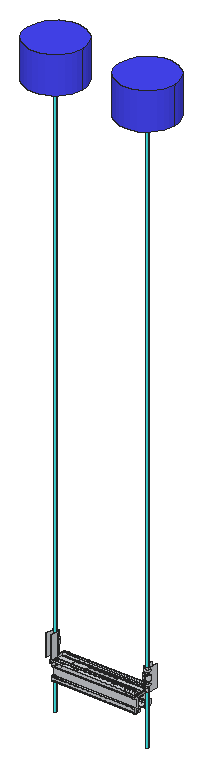
Revit family "KIT #1 (SS)", category Electrical Fixtures, Revit 2016 (continued)
Nested families (in)
  nested 12: "NUT" at (1, 0, 0.32813), visible <- "3rd Tier Unistrut Generic calc", type "NUT"
    with HardwareNut_Width 0' - 0 7/16", HardwareNut_Height 0' - 0 7/32", HardwareNutHole_Dim 0' - 0 1/8", HARDWARE HARDWARE
  nested 13: "NUT" at (11, 0, -1.875) x (1, 0, 0) z (0, 0, -1), HARDWARE <- "HARDWARE", HardwareNutHole_Dim <- "HardwareNutHole_Dim", HardwareNut_Height <- "HardwareNut_Height", HardwareNut_Width <- "HardwareNut_Width", visible <- "4th Tier Unistrut Generic calc", type "NUT"
    with HardwareNut_Width 0' - 0 7/16", HardwareNut_Height 0' - 0 7/32", HardwareNutHole_Dim 0' - 0 1/8", HARDWARE HARDWARE
  nested 14: "NUT" at (1, 0, -1.875) x (-1, 0, 0) z (0, 0, -1), HARDWARE <- "HARDWARE", HardwareNutHole_Dim <- "HardwareNutHole_Dim", HardwareNut_Height <- "HardwareNut_Height", HardwareNut_Width <- "HardwareNut_Width", visible <- "4th Tier Unistrut Generic calc", type "NUT"
    with HardwareNut_Width 0' - 0 7/16", HardwareNut_Height 0' - 0 7/32", HardwareNutHole_Dim 0' - 0 1/8", HARDWARE HARDWARE
  nested 15: "NUT" at (11, 0, 0.32813), visible <- "4th Tier Unistrut Generic calc", type "NUT"
    with HardwareNut_Width 0' - 0 7/16", HardwareNut_Height 0' - 0 7/32", HardwareNutHole_Dim 0' - 0 1/8", HARDWARE HARDWARE
  nested 16: "NUT" at (1, 0, 0.32813), visible <- "4th Tier Unistrut Generic calc", type "NUT"
    with HardwareNut_Width 0' - 0 7/16", HardwareNut_Height 0' - 0 7/32", HardwareNutHole_Dim 0' - 0 1/8", HARDWARE HARDWARE
  nested 17: "Trmb_FieldPoints_MarkerGraphic_Marker" at (1, 0, 180), type "Marker"
  nested 18: "Trmb_FieldPoints_MarkerGraphic_Marker" at (11, 0, 180), type "Marker"
  nested 19: "4D UNISTRUT ONLY" at (1.5, 0, 120), visible <- "4D Calc", type "4D UNISTRUT ONLY"
    with built-in parameter 1001306 0.75 (stored number, unit not read)
  nested 20: "4D UNISTRUT ONLY_Bottom" at (1.5, 0, 117.89375) x (1, 0, 0) z (0, 0, -1), visible <- "4D Calc2", type "4D UNISTRUT ONLY_Bottom"
    with built-in parameter 1001306 0.75 (stored number, unit not read)
  nested 21: "4D UNISTRUT ONLY" at (1.5, 0, 0), visible <- "4DTier2Calc", type "4D UNISTRUT ONLY"
    with built-in parameter 1001306 0.75 (stored number, unit not read)
  nested 22: "4D UNISTRUT ONLY" at (1.5, 0, 0), visible <- "4DTier3Calc", type "4D UNISTRUT ONLY"
    with built-in parameter 1001306 0.75 (stored number, unit not read)
  nested 23: "4D UNISTRUT ONLY" at (1.5, 0, 0), visible <- "4DTier4Calc", type "4D UNISTRUT ONLY"
    with built-in parameter 1001306 0.75 (stored number, unit not read)
  nested 24: "TOLCO B3034 C-Clamp(pipe acc)" at (1, 1.59375, 173.5) x (0, 1, 0) z (0, 0, 1), visible <- "Beam Clamp Calc1", type "0.5"
    with Hanger No. "1"
  nested 25: "TOLCO B3034 C-Clamp(pipe acc)" at (11, 1.59375, 173.5) x (0, 1, 0) z (0, 0, 1), visible <- "Beam Clamp Calc1", type "0.5"
    with Hanger No. "1"
  nested 26: "TOLCO B3034 C-Clamp(pipe acc)" at (11, -1.59375, 173.5) x (0, -1, 0) z (0, 0, 1), visible <- "Beam Clamp Calc2", type "0.5"
    with Hanger No. "1"
  nested 27: "TOLCO B3034 C-Clamp(pipe acc)" at (1, -1.59375, 173.5) x (0, -1, 0) z (0, 0, 1), visible <- "Beam Clamp Calc2", type "0.5"
    with Hanger No. "1"
  nested 28: "4D all thread connector" at (1, 0, 119.62109), built-in parameter 1001364 <- "top of 4D connection insert1", visible <- "4D Calc", type "4D all thread connector"
  nested 29: "4D all thread connector" at (11, 0, 119.62109) x (-1, 0, 0) z (0, 0, 1), built-in parameter 1001364 <- "top of 4D connection insert1", visible <- "4D Calc", type "4D all thread connector"
  nested 30: "4D all thread connector" at (1, 0, -0.37891), built-in parameter 1001364 <- "top of 4D connection insert2", visible <- "4DTier2Calc", type "4D all thread connector"
  nested 31: "4D all thread connector" at (11, 0, -0.37891) x (-1, 0, 0) z (0, 0, 1), built-in parameter 1001364 <- "top of 4D connection insert2", visible <- "4DTier2Calc", type "4D all thread connector"
  nested 32: "4D all thread connector" at (1, 0, -0.37891), built-in parameter 1001364 <- "top of 4D connection insert3", visible <- "4DTier3Calc", type "4D all thread connector"
  nested 33: "4D all thread connector" at (11, 0, -0.37891) x (-1, 0, 0) z (0, 0, 1), built-in parameter 1001364 <- "top of 4D connection insert3", visible <- "4DTier3Calc", type "4D all thread connector"
  nested 34: "4D all thread connector" at (1, 0, -0.37891), built-in parameter 1001364 <- "top of 4D connection insert4", visible <- "4DTier4Calc", type "4D all thread connector"
  nested 35: "4D all thread connector" at (11, 0, -0.37891) x (-1, 0, 0) z (0, 0, 1), built-in parameter 1001364 <- "top of 4D connection insert4", visible <- "4DTier4Calc", type "4D all thread connector"
Definition of nested family "NUT"
  Parameters
    HardwareNut_Width [instance] = 0' - 0 7/16"
    HardwareNut_Height [instance] = 0' - 0 7/32"
    HardwareNutHole_Dim [instance] = 0' - 0 1/8"
    HARDWARE [instance] = none
    Default Elevation = 4' - 0"
  Reference planes (in)
    plane 1 "Center (Front/Back)": y = 0
    plane 2: z = 0
    plane 3 "Center (Left/Right)": x = 0
    plane 4: through (0, 0.25259, 48) normal (0.5, 0.866, 0)
    plane 5: through (-0.10937, 0.06315, 48) normal (0.5, 0.866, 0)
    plane 6: through (0.04604, -0.27917, 48) normal (0.5, 0.866, 0)
    plane 7: x = -0.21875
    plane 8: x = 0.21875
    plane 9: through (0.00037, 0.25195, 48) normal (0.5, -0.866, 0)
    plane 10: through (0.11087, 0.06316, 48) normal (0.5, -0.866, 0)
    plane 11: through (0.22024, -0.12629, 48) normal (0.5, -0.866, 0)
  Forms (in)
    Extrusion 1, solid
      sketch origin (0, 0, 0) x (1, 0, 0) y (0, 1, 0)
        loop
          line (-48, 48) -> (-48, -48) -> (48, -48) -> (48, 48) -> (-48, 48)
      from 0 to -12
    Extrusion 2, solid, material <- "HARDWARE"
      sketch origin (0, 0, 0) x (1, 0, 0) y (0, 1, 0)
        loop
          line (0.21875, 0.1263) -> (0, 0.25259) -> (-0.21875, 0.1263) -> (-0.21875, -0.1263) -> (0, -0.25259) -> (0.21875, -0.1263) -> (0.21875, 0.1263)
        loop
          circle (0, 0) r 0.125
      from 0 to 0.21875 <- "HardwareNut_Height"
  Dimensions and locks (in)
    equal spacing: plane 11, plane 10, plane 9
    "HardwareNut_Width": plane 11 to plane 9
    equal spacing: plane 7, plane 3 "Center (Left/Right)", plane 8
    "HardwareNut_Width": plane 7 to plane 8
    equal spacing: plane 4, plane 5, plane 6
    "HardwareNut_Width": plane 4 to plane 6
    "HardwareNutHole_Dim": radius of Extrusion 2 sketch curve
    aligned and locked: plane 2 to Extrusion 1
    aligned and locked: level to Extrusion 1
    aligned and locked: plane 7 to Extrusion 2
    aligned and locked: plane 8 to Extrusion 2
  Automatic sketch dimensions
    Extrusion 1 sketch curve to Extrusion 1 sketch curve = 8' - 0"  (x2)
    Extrusion 2 sketch curve to plane 6 = 0' - 0"  (x2)
    Extrusion 2 sketch curve to plane 7 = 0' - 0"
    Extrusion 2 sketch curve to plane 3 "Center (Left/Right)" = 0' - 0"  (x3)
    plane 1 "Center (Front/Back)" to Extrusion 2 sketch curve = 0' - 0"
    Extrusion 2 sketch curve to plane 5 = 0' - 0"  (x2)
    Extrusion 2 sketch curve to plane 8 = 0' - 0"
    Extrusion 2 sketch curve to plane 4 = 0' - 0"  (x2)
Definition of nested family "4D UNISTRUT ONLY"
  Parameters (values of type "4D UNISTRUT ONLY")
    built-in parameter 1001306 [instance] = 4' - 0"
  Reference planes (in)
    plane 1 "Center (Front/Back)": y = 0
    plane 2: z = 0
    plane 3 "Left": x = 0
    plane 4 "Right": x = 48
  Forms (in)
    Extrusion 1, solid
      sketch origin (0, 0, -2.10625) x (0, 1, 0) y (0, 0, 1)
        loop
          arc (1.053, 0.52479) -> (0.99788, 0.60728) -> (0.90057, 0.58792) r 0.08929
          line (0.90057, 0.58792) -> (0.81547, 0.50282)
          arc (0.81547, 0.50282) -> (0.78726, 0.49721) -> (0.77128, 0.52112) r 0.02588
          line (0.77128, 0.52112) -> (0.77128, 1.57098)
          arc (0.77128, 1.57098) -> (0.78726, 1.59489) -> (0.81547, 1.58928) r 0.02588
          line (0.81547, 1.58928) -> (0.90057, 1.50417)
          arc (0.90057, 1.50417) -> (0.99788, 1.48482) -> (1.053, 1.56731) r 0.08929
          line (1.053, 1.56731) -> (1.053, 1.92157)
          arc (1.053, 1.92157) -> (0.99891, 2.05216) -> (0.86832, 2.10625) r 0.18468
          line (0.86832, 2.10625) -> (0.52298, 2.10625)
          arc (0.52298, 2.10625) -> (0.46254, 2.08121) -> (0.4375, 2.02077) r 0.08548
          line (0.4375, 2.02077) -> (0.4375, 1.875)
          arc (0.4375, 1.875) -> (0.49, 1.8225) -> (0.5425, 1.875) r 0.0525
          line (0.5425, 1.875) -> (0.5425, 1.9846)
          arc (0.5425, 1.9846) -> (0.56081, 2.02879) -> (0.605, 2.0471) r 0.0625
          line (0.605, 2.0471) -> (0.85275, 2.0471)
          arc (0.85275, 2.0471) -> (0.95694, 2.00394) -> (1.0001, 1.89975) r 0.14735
          line (1.0001, 1.89975) -> (1.0001, 1.56946)
          arc (1.0001, 1.56946) -> (0.97714, 1.5351) -> (0.93661, 1.54316) r 0.03719
          line (0.93661, 1.54316) -> (0.85751, 1.62226)
          arc (0.85751, 1.62226) -> (0.7692, 1.63982) -> (0.71918, 1.56496) r 0.08103
          line (0.71918, 1.56496) -> (0.71918, 0.52714)
          arc (0.71918, 0.52714) -> (0.7692, 0.45227) -> (0.85751, 0.46984) r 0.08103
          line (0.85751, 0.46984) -> (0.93661, 0.54894)
          arc (0.93661, 0.54894) -> (0.97714, 0.557) -> (1.0001, 0.52264) r 0.03719
          line (1.0001, 0.52264) -> (1.0001, 0.18966)
          arc (1.0001, 0.18966) -> (0.95751, 0.08683) -> (0.85467, 0.04423) r 0.14543
          line (0.85467, 0.04423) -> (0.50737, 0.04423)
          arc (0.50737, 0.04423) -> (0.47849, 0.06353) -> (0.48527, 0.0976) r 0.03126
          line (0.48527, 0.0976) -> (0.56754, 0.17986)
          arc (0.56754, 0.17986) -> (0.5851, 0.26817) -> (0.51024, 0.31819) r 0.08103
          line (0.51024, 0.31819) -> (0, 0.31819) -> (-0.51024, 0.31819)
          arc (-0.51024, 0.31819) -> (-0.5851, 0.26817) -> (-0.56754, 0.17986) r 0.08103
          line (-0.56754, 0.17986) -> (-0.48527, 0.0976)
          arc (-0.48527, 0.0976) -> (-0.47849, 0.06353) -> (-0.50737, 0.04423) r 0.03126
          line (-0.50737, 0.04423) -> (-0.85467, 0.04423)
          arc (-0.85467, 0.04423) -> (-0.95751, 0.08683) -> (-1.0001, 0.18966) r 0.14543
          line (-1.0001, 0.18966) -> (-1.0001, 0.52264)
          arc (-1.0001, 0.52264) -> (-0.97714, 0.557) -> (-0.93661, 0.54894) r 0.03719
          line (-0.93661, 0.54894) -> (-0.85751, 0.46984)
          arc (-0.85751, 0.46984) -> (-0.7692, 0.45227) -> (-0.71918, 0.52714) r 0.08103
          line (-0.71918, 0.52714) -> (-0.71918, 1.56496)
          arc (-0.71918, 1.56496) -> (-0.7692, 1.63982) -> (-0.85751, 1.62226) r 0.08103
          line (-0.85751, 1.62226) -> (-0.93661, 1.54316)
          arc (-0.93661, 1.54316) -> (-0.97714, 1.5351) -> (-1.0001, 1.56946) r 0.03719
          line (-1.0001, 1.56946) -> (-1.0001, 1.90714)
          arc (-1.0001, 1.90714) -> (-0.95911, 2.0061) -> (-0.86014, 2.0471) r 0.13996
          line (-0.86014, 2.0471) -> (-0.605, 2.0471)
          arc (-0.605, 2.0471) -> (-0.56081, 2.02879) -> (-0.5425, 1.9846) r 0.0625
          line (-0.5425, 1.9846) -> (-0.5425, 1.875)
          arc (-0.5425, 1.875) -> (-0.49, 1.8225) -> (-0.4375, 1.875) r 0.0525
          line (-0.4375, 1.875) -> (-0.4375, 2.02077)
          arc (-0.4375, 2.02077) -> (-0.46254, 2.08121) -> (-0.52298, 2.10625) r 0.08548
          line (-0.52298, 2.10625) -> (-0.86175, 2.10625)
          arc (-0.86175, 2.10625) -> (-0.99698, 2.05023) -> (-1.053, 1.915) r 0.19125
          line (-1.053, 1.915) -> (-1.053, 1.56731)
          arc (-1.053, 1.56731) -> (-0.99788, 1.48482) -> (-0.90057, 1.50417) r 0.08929
          line (-0.90057, 1.50417) -> (-0.81547, 1.58928)
          arc (-0.81547, 1.58928) -> (-0.78726, 1.59489) -> (-0.77128, 1.57098) r 0.02588
          line (-0.77128, 1.57098) -> (-0.77128, 0.52112)
          arc (-0.77128, 0.52112) -> (-0.78726, 0.49721) -> (-0.81547, 0.50282) r 0.02588
          line (-0.81547, 0.50282) -> (-0.90057, 0.58792)
          arc (-0.90057, 0.58792) -> (-0.99788, 0.60728) -> (-1.053, 0.52479) r 0.08929
          line (-1.053, 0.52479) -> (-1.05304, 0.18754)
          arc (-1.05304, 0.18754) -> (-0.99811, 0.05493) -> (-0.8655, 0) r 0.18754
          line (-0.8655, 0) -> (-0.50792, 0)
          arc (-0.50792, 0) -> (-0.43394, 0.04943) -> (-0.4513, 0.1367) r 0.08008
          line (-0.4513, 0.1367) -> (-0.53399, 0.21939)
          arc (-0.53399, 0.21939) -> (-0.54066, 0.25294) -> (-0.51221, 0.27195) r 0.03079
          line (-0.51221, 0.27195) -> (0, 0.27195) -> (0.51221, 0.27195)
          arc (0.51221, 0.27195) -> (0.54066, 0.25294) -> (0.53399, 0.21939) r 0.03079
          line (0.53399, 0.21939) -> (0.4513, 0.1367)
          arc (0.4513, 0.1367) -> (0.43448, 0.04929) -> (0.50859, 0) r 0.08036
          line (0.50859, 0) -> (0.8655, 0)
          arc (0.8655, 0) -> (0.99811, 0.05493) -> (1.05304, 0.18754) r 0.18754
          line (1.05304, 0.18754) -> (1.053, 0.52479)
      from 0 to 48
  Lines and regions (in)
    reference lines
      curve 1: line (0, 0, 0) -> (48, 0, 0)
  Dimensions and locks (in)
    "built-in parameter 1001306": plane 3 "Left" to plane 4 "Right"
    aligned and locked: plane 4 "Right" to curve 1
    aligned and locked: plane 1 "Center (Front/Back)" to curve 1
    aligned and locked: plane 3 "Left" to curve 1
    aligned and locked: level to plane 2
    aligned and locked: Extrusion 1 to plane 3 "Left"
    aligned and locked: plane 4 "Right" to Extrusion 1
  Automatic sketch dimensions
    Extrusion 1 sketch curve to level = 0' - 2.10625"  (x2)
    Extrusion 1 sketch curve to plane 1 "Center (Front/Back)" = 0' - 0"  (x2)
    plane 1 "Center (Front/Back)" to Extrusion 1 sketch curve = 0' - 0 7/16"
    Extrusion 1 sketch curve to level = 0' - 1.96955"  (x2)
    plane 1 "Center (Front/Back)" to Extrusion 1 sketch curve = 0' - 0.4513"
    Extrusion 1 sketch curve to level = 0' - 2.00865"  (x2)
    Extrusion 1 sketch curve to Extrusion 1 sketch curve = 0' - 0.03397"  (x2)
    Extrusion 1 sketch curve to Extrusion 1 sketch curve = 0' - 0.0525"  (x2)
    Extrusion 1 sketch curve to Extrusion 1 sketch curve = 0' - 0.0221"  (x2)
    Extrusion 1 sketch curve to Extrusion 1 sketch curve = 0' - 0.00055"
    Extrusion 1 sketch curve to Extrusion 1 sketch curve = 0' - 0.05894"  (x2)
    Extrusion 1 sketch curve to Extrusion 1 sketch curve = 0' - 0.00197"  (x2)
    Extrusion 1 sketch curve to Extrusion 1 sketch curve = 0' - 0 5/256"
    Extrusion 1 sketch curve to level = 0' - 1.88686"  (x2)
    Extrusion 1 sketch curve to Extrusion 1 sketch curve = 0' - 0.02375"  (x2)
    Extrusion 1 sketch curve to level = 0' - 1.92639"  (x2)
    Extrusion 1 sketch curve to Extrusion 1 sketch curve = 0' - 0.03355"  (x2)
    Extrusion 1 sketch curve to Extrusion 1 sketch curve = 0' - 0 1/16"
    Extrusion 1 sketch curve to Extrusion 1 sketch curve = 0' - 0.20894"  (x2)
    Extrusion 1 sketch curve to Extrusion 1 sketch curve = 0' - 0.0521"  (x2)
    Extrusion 1 sketch curve to Extrusion 1 sketch curve = 0' - 0.02588"  (x4)
    Extrusion 1 sketch curve to Extrusion 1 sketch curve = 0' - 0.00305"  (x4)
    Extrusion 1 sketch curve to Extrusion 1 sketch curve = 0' - 0.0183"  (x4)
    Extrusion 1 sketch curve to level = 0' - 1.60343"  (x2)
    Extrusion 1 sketch curve to level = 0' - 2.06202"
    Extrusion 1 sketch curve to Extrusion 1 sketch curve = 0' - 0.28714"  (x2)
    Extrusion 1 sketch curve to Extrusion 1 sketch curve = 0' - 0.04205"  (x4)
    Extrusion 1 sketch curve to level = 0' - 1.63641"  (x2)
    Extrusion 1 sketch curve to Extrusion 1 sketch curve = 0' - 0.25514"
    Extrusion 1 sketch curve to Extrusion 1 sketch curve = 0' - 0.00161"
    Extrusion 1 sketch curve to Extrusion 1 sketch curve = 0' - 0.01083"  (x2)
    Extrusion 1 sketch curve to Extrusion 1 sketch curve = 0' - 0.10036"  (x4)
    Extrusion 1 sketch curve to Extrusion 1 sketch curve = 0' - 0.03604"  (x4)
    Extrusion 1 sketch curve to Extrusion 1 sketch curve = 0' - 0.0263"  (x4)
    Extrusion 1 sketch curve to Extrusion 1 sketch curve = 0' - 0.0008"  (x4)
    Extrusion 1 sketch curve to Extrusion 1 sketch curve = 0' - 0.03639"  (x3)
    Extrusion 1 sketch curve to Extrusion 1 sketch curve = 0' - 0.0529"  (x2)
    Extrusion 1 sketch curve to Extrusion 1 sketch curve = 0' - 0.05294"  (x2)
    Extrusion 1 sketch curve to plane 1 "Center (Front/Back)" = 0' - 0 7/16"
    Extrusion 1 sketch curve to plane 1 "Center (Front/Back)" = 0' - 0.4513"
    Extrusion 1 sketch curve to Extrusion 1 sketch curve = 0' - 0.00122"
    Extrusion 1 sketch curve to Extrusion 1 sketch curve = 0' - 0.08548"
    Extrusion 1 sketch curve to Extrusion 1 sketch curve = 0' - 0 21/256"
    Extrusion 1 sketch curve to Extrusion 1 sketch curve = 0' - 0.24775"
    Extrusion 1 sketch curve to level = 0' - 1.91659"
    Extrusion 1 sketch curve to Extrusion 1 sketch curve = 0' - 0.01557"
    Extrusion 1 sketch curve to Extrusion 1 sketch curve = 0' - 0.13178"
    Extrusion 1 sketch curve to Extrusion 1 sketch curve = 0' - 0.01778"
    Extrusion 1 sketch curve to Extrusion 1 sketch curve = 0' - 0.004"
    Extrusion 1 sketch curve to Extrusion 1 sketch curve = 0' - 0.0528"  (x2)
    Extrusion 1 sketch curve to Extrusion 1 sketch curve = 0' - 0.00215"  (x2)
    Extrusion 1 sketch curve to Extrusion 1 sketch curve = 0' - 0.03899"  (x2)
    Extrusion 1 sketch curve to Extrusion 1 sketch curve = 0' - 0.91625"  (x2)
    Extrusion 1 sketch curve to Extrusion 1 sketch curve = 0' - 0.02415"  (x2)
    Extrusion 1 sketch curve to Extrusion 1 sketch curve = 0' - 0.06079"  (x2)
    Extrusion 1 sketch curve to Extrusion 1 sketch curve = 0' - 0.00602"  (x2)
    Extrusion 1 sketch curve to Extrusion 1 sketch curve = 0' - 0.31004"  (x2)
    Extrusion 1 sketch curve to Extrusion 1 sketch curve = 0' - 0.27749"
    Extrusion 1 sketch curve to Extrusion 1 sketch curve = 0' - 0.28488"
    Extrusion 1 sketch curve to Extrusion 1 sketch curve = 0' - 0.00786"
    Extrusion 1 sketch curve to Extrusion 1 sketch curve = 0' - 0.02182"
    Extrusion 1 sketch curve to Extrusion 1 sketch curve = 0' - 0"  (x2)
Definition of nested family "4D UNISTRUT ONLY_Bottom"
  Parameters (values of type "4D UNISTRUT ONLY_Bottom")
    built-in parameter 1001306 [instance] = 4' - 0"
  Reference planes (in)
    plane 1 "Center (Front/Back)": y = 0
    plane 2: z = 0
    plane 3 "Left": x = 0
    plane 4 "Right": x = 48
  Forms (in)
    Extrusion 1, solid
      sketch origin (0, 0, 0) x (0, 1, 0) y (0, 0, 1)
        loop
          arc (1.053, 0.52479) -> (0.99788, 0.60728) -> (0.90057, 0.58792) r 0.08929
          line (0.90057, 0.58792) -> (0.81547, 0.50282)
          arc (0.81547, 0.50282) -> (0.78726, 0.49721) -> (0.77128, 0.52112) r 0.02588
          line (0.77128, 0.52112) -> (0.77128, 1.57098)
          arc (0.77128, 1.57098) -> (0.78726, 1.59489) -> (0.81547, 1.58928) r 0.02588
          line (0.81547, 1.58928) -> (0.90057, 1.50417)
          arc (0.90057, 1.50417) -> (0.99788, 1.48482) -> (1.053, 1.56731) r 0.08929
          line (1.053, 1.56731) -> (1.053, 1.92157)
          arc (1.053, 1.92157) -> (0.99891, 2.05216) -> (0.86832, 2.10625) r 0.18468
          line (0.86832, 2.10625) -> (0.52298, 2.10625)
          arc (0.52298, 2.10625) -> (0.46254, 2.08121) -> (0.4375, 2.02077) r 0.08548
          line (0.4375, 2.02077) -> (0.4375, 1.875)
          arc (0.4375, 1.875) -> (0.49, 1.8225) -> (0.5425, 1.875) r 0.0525
          line (0.5425, 1.875) -> (0.5425, 1.9846)
          arc (0.5425, 1.9846) -> (0.56081, 2.02879) -> (0.605, 2.0471) r 0.0625
          line (0.605, 2.0471) -> (0.85275, 2.0471)
          arc (0.85275, 2.0471) -> (0.95694, 2.00394) -> (1.0001, 1.89975) r 0.14735
          line (1.0001, 1.89975) -> (1.0001, 1.56946)
          arc (1.0001, 1.56946) -> (0.97714, 1.5351) -> (0.93661, 1.54316) r 0.03719
          line (0.93661, 1.54316) -> (0.85751, 1.62226)
          arc (0.85751, 1.62226) -> (0.7692, 1.63982) -> (0.71918, 1.56496) r 0.08103
          line (0.71918, 1.56496) -> (0.71918, 0.52714)
          arc (0.71918, 0.52714) -> (0.7692, 0.45227) -> (0.85751, 0.46984) r 0.08103
          line (0.85751, 0.46984) -> (0.93661, 0.54894)
          arc (0.93661, 0.54894) -> (0.97714, 0.557) -> (1.0001, 0.52264) r 0.03719
          line (1.0001, 0.52264) -> (1.0001, 0.18966)
          arc (1.0001, 0.18966) -> (0.95751, 0.08683) -> (0.85467, 0.04423) r 0.14543
          line (0.85467, 0.04423) -> (0.50737, 0.04423)
          arc (0.50737, 0.04423) -> (0.47849, 0.06353) -> (0.48527, 0.0976) r 0.03126
          line (0.48527, 0.0976) -> (0.56754, 0.17986)
          arc (0.56754, 0.17986) -> (0.5851, 0.26817) -> (0.51024, 0.31819) r 0.08103
          line (0.51024, 0.31819) -> (0, 0.31819) -> (-0.51024, 0.31819)
          arc (-0.51024, 0.31819) -> (-0.5851, 0.26817) -> (-0.56754, 0.17986) r 0.08103
          line (-0.56754, 0.17986) -> (-0.48527, 0.0976)
          arc (-0.48527, 0.0976) -> (-0.47849, 0.06353) -> (-0.50737, 0.04423) r 0.03126
          line (-0.50737, 0.04423) -> (-0.85467, 0.04423)
          arc (-0.85467, 0.04423) -> (-0.95751, 0.08683) -> (-1.0001, 0.18966) r 0.14543
          line (-1.0001, 0.18966) -> (-1.0001, 0.52264)
          arc (-1.0001, 0.52264) -> (-0.97714, 0.557) -> (-0.93661, 0.54894) r 0.03719
          line (-0.93661, 0.54894) -> (-0.85751, 0.46984)
          arc (-0.85751, 0.46984) -> (-0.7692, 0.45227) -> (-0.71918, 0.52714) r 0.08103
          line (-0.71918, 0.52714) -> (-0.71918, 1.56496)
          arc (-0.71918, 1.56496) -> (-0.7692, 1.63982) -> (-0.85751, 1.62226) r 0.08103
          line (-0.85751, 1.62226) -> (-0.93661, 1.54316)
          arc (-0.93661, 1.54316) -> (-0.97714, 1.5351) -> (-1.0001, 1.56946) r 0.03719
          line (-1.0001, 1.56946) -> (-1.0001, 1.90714)
          arc (-1.0001, 1.90714) -> (-0.95911, 2.0061) -> (-0.86014, 2.0471) r 0.13996
          line (-0.86014, 2.0471) -> (-0.605, 2.0471)
          arc (-0.605, 2.0471) -> (-0.56081, 2.02879) -> (-0.5425, 1.9846) r 0.0625
          line (-0.5425, 1.9846) -> (-0.5425, 1.875)
          arc (-0.5425, 1.875) -> (-0.49, 1.8225) -> (-0.4375, 1.875) r 0.0525
          line (-0.4375, 1.875) -> (-0.4375, 2.02077)
          arc (-0.4375, 2.02077) -> (-0.46254, 2.08121) -> (-0.52298, 2.10625) r 0.08548
          line (-0.52298, 2.10625) -> (-0.86175, 2.10625)
          arc (-0.86175, 2.10625) -> (-0.99698, 2.05023) -> (-1.053, 1.915) r 0.19125
          line (-1.053, 1.915) -> (-1.053, 1.56731)
          arc (-1.053, 1.56731) -> (-0.99788, 1.48482) -> (-0.90057, 1.50417) r 0.08929
          line (-0.90057, 1.50417) -> (-0.81547, 1.58928)
          arc (-0.81547, 1.58928) -> (-0.78726, 1.59489) -> (-0.77128, 1.57098) r 0.02588
          line (-0.77128, 1.57098) -> (-0.77128, 0.52112)
          arc (-0.77128, 0.52112) -> (-0.78726, 0.49721) -> (-0.81547, 0.50282) r 0.02588
          line (-0.81547, 0.50282) -> (-0.90057, 0.58792)
          arc (-0.90057, 0.58792) -> (-0.99788, 0.60728) -> (-1.053, 0.52479) r 0.08929
          line (-1.053, 0.52479) -> (-1.05304, 0.18754)
          arc (-1.05304, 0.18754) -> (-0.99811, 0.05493) -> (-0.8655, 0) r 0.18754
          line (-0.8655, 0) -> (-0.50792, 0)
          arc (-0.50792, 0) -> (-0.43394, 0.04943) -> (-0.4513, 0.1367) r 0.08008
          line (-0.4513, 0.1367) -> (-0.53399, 0.21939)
          arc (-0.53399, 0.21939) -> (-0.54066, 0.25294) -> (-0.51221, 0.27195) r 0.03079
          line (-0.51221, 0.27195) -> (0, 0.27195) -> (0.51221, 0.27195)
          arc (0.51221, 0.27195) -> (0.54066, 0.25294) -> (0.53399, 0.21939) r 0.03079
          line (0.53399, 0.21939) -> (0.4513, 0.1367)
          arc (0.4513, 0.1367) -> (0.43448, 0.04929) -> (0.50859, 0) r 0.08036
          line (0.50859, 0) -> (0.8655, 0)
          arc (0.8655, 0) -> (0.99811, 0.05493) -> (1.05304, 0.18754) r 0.18754
          line (1.05304, 0.18754) -> (1.053, 0.52479)
      from 0 to 48
  Lines and regions (in)
    reference lines
      curve 1: line (0, 0, 0) -> (48, 0, 0)
  Dimensions and locks (in)
    "built-in parameter 1001306": plane 3 "Left" to plane 4 "Right"
    aligned and locked: plane 4 "Right" to curve 1
    aligned and locked: plane 1 "Center (Front/Back)" to curve 1
    aligned and locked: plane 3 "Left" to curve 1
    aligned and locked: level to plane 2
    aligned and locked: Extrusion 1 to plane 3 "Left"
    aligned and locked: plane 4 "Right" to Extrusion 1
  Automatic sketch dimensions
    Extrusion 1 sketch curve to level = 0' - 0"  (x2)
    Extrusion 1 sketch curve to plane 1 "Center (Front/Back)" = 0' - 0"  (x2)
    plane 1 "Center (Front/Back)" to Extrusion 1 sketch curve = 0' - 0 7/16"
    level to Extrusion 1 sketch curve = 0' - 0.1367"  (x2)
    plane 1 "Center (Front/Back)" to Extrusion 1 sketch curve = 0' - 0.4513"
    level to Extrusion 1 sketch curve = 0' - 0.0976"  (x2)
    Extrusion 1 sketch curve to Extrusion 1 sketch curve = 0' - 0.03397"  (x2)
    Extrusion 1 sketch curve to Extrusion 1 sketch curve = 0' - 0.0525"  (x2)
    Extrusion 1 sketch curve to Extrusion 1 sketch curve = 0' - 0.0221"  (x2)
    Extrusion 1 sketch curve to Extrusion 1 sketch curve = 0' - 0.00055"
    Extrusion 1 sketch curve to Extrusion 1 sketch curve = 0' - 0.05894"  (x2)
    Extrusion 1 sketch curve to Extrusion 1 sketch curve = 0' - 0.00197"  (x2)
    Extrusion 1 sketch curve to Extrusion 1 sketch curve = 0' - 0 5/256"
    level to Extrusion 1 sketch curve = 0' - 0.21939"  (x2)
    Extrusion 1 sketch curve to Extrusion 1 sketch curve = 0' - 0.02375"  (x2)
    level to Extrusion 1 sketch curve = 0' - 0.17986"  (x2)
    Extrusion 1 sketch curve to Extrusion 1 sketch curve = 0' - 0.03355"  (x2)
    Extrusion 1 sketch curve to Extrusion 1 sketch curve = 0' - 0 1/16"
    Extrusion 1 sketch curve to Extrusion 1 sketch curve = 0' - 0.20894"  (x2)
    Extrusion 1 sketch curve to Extrusion 1 sketch curve = 0' - 0.0521"  (x2)
    Extrusion 1 sketch curve to Extrusion 1 sketch curve = 0' - 0.02588"  (x4)
    Extrusion 1 sketch curve to Extrusion 1 sketch curve = 0' - 0.00305"  (x4)
    Extrusion 1 sketch curve to Extrusion 1 sketch curve = 0' - 0.0183"  (x4)
    level to Extrusion 1 sketch curve = 0' - 0.50282"  (x2)
    level to Extrusion 1 sketch curve = 0' - 0.04423"
    Extrusion 1 sketch curve to Extrusion 1 sketch curve = 0' - 0.28714"  (x2)
    Extrusion 1 sketch curve to Extrusion 1 sketch curve = 0' - 0.04205"  (x4)
    level to Extrusion 1 sketch curve = 0' - 0.46984"  (x2)
    Extrusion 1 sketch curve to Extrusion 1 sketch curve = 0' - 0.25514"
    Extrusion 1 sketch curve to Extrusion 1 sketch curve = 0' - 0.00161"
    Extrusion 1 sketch curve to Extrusion 1 sketch curve = 0' - 0.01083"  (x2)
    Extrusion 1 sketch curve to Extrusion 1 sketch curve = 0' - 0.10036"  (x4)
    Extrusion 1 sketch curve to Extrusion 1 sketch curve = 0' - 0.03604"  (x4)
    Extrusion 1 sketch curve to Extrusion 1 sketch curve = 0' - 0.0263"  (x4)
    Extrusion 1 sketch curve to Extrusion 1 sketch curve = 0' - 0.0008"  (x4)
    Extrusion 1 sketch curve to Extrusion 1 sketch curve = 0' - 0.03639"  (x3)
    Extrusion 1 sketch curve to Extrusion 1 sketch curve = 0' - 0.0529"  (x2)
    Extrusion 1 sketch curve to Extrusion 1 sketch curve = 0' - 0.05294"  (x2)
    Extrusion 1 sketch curve to plane 1 "Center (Front/Back)" = 0' - 0 7/16"
    Extrusion 1 sketch curve to plane 1 "Center (Front/Back)" = 0' - 0.4513"
    Extrusion 1 sketch curve to Extrusion 1 sketch curve = 0' - 0.00122"
    Extrusion 1 sketch curve to Extrusion 1 sketch curve = 0' - 0.08548"
    Extrusion 1 sketch curve to Extrusion 1 sketch curve = 0' - 0 21/256"
    Extrusion 1 sketch curve to Extrusion 1 sketch curve = 0' - 0.24775"
    level to Extrusion 1 sketch curve = 0' - 0.18966"
    Extrusion 1 sketch curve to Extrusion 1 sketch curve = 0' - 0.01557"
    Extrusion 1 sketch curve to Extrusion 1 sketch curve = 0' - 0.13178"
    Extrusion 1 sketch curve to Extrusion 1 sketch curve = 0' - 0.01778"
    Extrusion 1 sketch curve to Extrusion 1 sketch curve = 0' - 0.004"
    Extrusion 1 sketch curve to Extrusion 1 sketch curve = 0' - 0.0528"  (x2)
    Extrusion 1 sketch curve to Extrusion 1 sketch curve = 0' - 0.00215"  (x2)
    Extrusion 1 sketch curve to Extrusion 1 sketch curve = 0' - 0.03899"  (x2)
    Extrusion 1 sketch curve to Extrusion 1 sketch curve = 0' - 0.91625"  (x2)
    Extrusion 1 sketch curve to Extrusion 1 sketch curve = 0' - 0.02415"  (x2)
    Extrusion 1 sketch curve to Extrusion 1 sketch curve = 0' - 0.06079"  (x2)
    Extrusion 1 sketch curve to Extrusion 1 sketch curve = 0' - 0.00602"  (x2)
    Extrusion 1 sketch curve to Extrusion 1 sketch curve = 0' - 0.31004"  (x2)
    Extrusion 1 sketch curve to Extrusion 1 sketch curve = 0' - 0.27749"
    Extrusion 1 sketch curve to Extrusion 1 sketch curve = 0' - 0.28488"
    Extrusion 1 sketch curve to Extrusion 1 sketch curve = 0' - 0.00786"
    Extrusion 1 sketch curve to Extrusion 1 sketch curve = 0' - 0.02182"
    Extrusion 1 sketch curve to Extrusion 1 sketch curve = 0' - 0"  (x2)
Definition of nested family "TOLCO B3034 C-Clamp(pipe acc)"
  Parameters (values of type ".625")
    Type Image = (empty or 0)
    Throat Opening = 0' - 0 3/4"  # constant formula
    Set Screw Radius = A / 4  # 0' - 0 5/32"
    Set Screw Nut Radius = Set Screw Radius + 0' 0 1/8"  # 0' - 0 9/32"
    ScheduleType |RF| = "Letter Parameters"
    Model = "B3034 - 5/8"
    Manufacturer = "TOLCO"
    Hanger No. [instance] = "1"
    D = 0' - 1 1/4"
    Color = none
    C = 0' - 2 1/8"
    Bottom of Clamp = (B - Throat Opening) / 2  # 0' - 0 1/2"
    B = 0' - 1 3/4"
    A = 0' - 0 5/8"
  Types (4): name | Set Screw Radius | Set Screw Nut Radius | Model | D | C | Bottom of Clamp | B | A
    .375 | 0' - 0 3/16" | 0' - 0 5/16" | "B3034 - 3/8" | 0' - 0.93075" | 0' - 2 1/4" | 0' - 0 5/8" | 0' - 2" | 0' - 0 3/4"
    0.5 | 0' - 0 1/8" | 0' - 0 1/4" | "B3034 - 1/2" | 0' - 1 3/16" | 0' - 2 3/16" | 0' - 0 17/32" | 0' - 1 13/16" | 0' - 0 1/2"
    .625 | 0' - 0 5/32" | 0' - 0 9/32" | "B3034 - 5/8" | 0' - 1 1/4" | 0' - 2 1/8" | 0' - 0 1/2" | 0' - 1 3/4" | 0' - 0 5/8"
    0.75 | 0' - 0 3/16" | 0' - 0 5/16" | "B3034 - 3/8" | 0' - 1 1/4" | 0' - 2 1/4" | 0' - 0 5/8" | 0' - 2" | 0' - 0 3/4"
  Reference planes (in)
    plane 1 "Center (Front/Back)": y = 0
    plane 2: z = 0
    plane 3 "Center (Left/Right)": x = 0
    plane 4: z = 1.75
    plane 5: x = -2.125
    plane 6: z = 1.25
    plane 7: z = 0.5
    plane 8: x = -0.875
    plane 9: x = -1.5
    plane 10: x = -0.4375
    plane 11: y = 0.625
    plane 12: y = -0.625
  Forms (in)
    Extrusion 1, solid, material <- "Color"
      sketch origin (0, 0, 0) x (1, 0, 0) y (0, 0, 1)
        loop
          line (0, 0) -> (0, 0.5) -> (-0.875, 0.5) -> (-0.875, 1.25) -> (0, 1.25) -> (0, 1.5) -> (-0.875, 1.75) -> (-2.125, 1.75) -> (-2.125, 0) -> (0, 0)
      from -0.625 to 0.625
    Revolve 2, solid, material <- "Color"
      sketch origin (0, 0, 0) x (1, 0, 0) y (0, 0, 1)
        loop
          line (-0.4375, 0.81597) -> (-0.50014, 0.81597) -> (-0.59375, 0.69097) -> (-0.59375, 0) -> (-0.71875, 0) -> (-0.71875, -0.25) -> (-0.59375, -0.25) -> (-0.59375, -0.75) -> (-0.71875, -0.75) -> (-0.71875, -1) -> (-0.59375, -1) -> (-0.59375, -1.1158) -> (-0.4375, -1.1158) -> (-0.4375, 0.81597)
        axis (-0.4375, 0.81597) -> (-0.4375, -1.1158)
      angle from 0 to 360
    Extrusion 3, void
      sketch origin (0, 0, 0) x (1, 0, 0) y (0, 1, 0)
        loop
          circle (-1.5, 0) r 0.3125
      from 0 to 1.75
  Cuts and joins
    Extrusion 3 cuts Extrusion 1
    Extrusion 3 cuts Revolve 2
    joined: Extrusion 1, Revolve 2
  Lines and regions (in)
    model lines
      curve 1: line (-1.5, 0, 1.9375) -> (-1.5, 0, 0)
      curve 2: line (-0.4375, 0, 0.5) -> (-0.4375, 0, 0)
      curve 3: line (-0.875, 0, 0.5) -> (-0.5625, 0, 0.5)
  Dimensions and locks (in)
    "C": plane 3 "Center (Left/Right)" to plane 5
    "Throat Opening": plane 6 to plane 7
    "B": plane 4 to plane 2
    "Bottom of Clamp": plane 7 to plane 2
    "D": plane 8 to plane 5
    equal spacing: plane 8, plane 9, plane 5
    equal spacing: plane 3 "Center (Left/Right)", plane 10, plane 8
    "Set Screw Radius": plane 10 to Revolve 2 sketch curve
    "Set Screw Nut Radius": plane 10 to Revolve 2 sketch curve
    equal spacing: plane 11, plane 1 "Center (Front/Back)", plane 12
    "D": plane 11 to plane 12
    "A": diameter of Extrusion 3 sketch curve
    aligned and locked: plane 2 to level
    aligned and locked: plane 3 "Center (Left/Right)" to Extrusion 1 sketch curve  (x3)
    aligned and locked: plane 7 to Extrusion 1 sketch curve
    aligned and locked: plane 8 to Extrusion 1 sketch curve  (x2)
    aligned and locked: Extrusion 1 sketch curve to plane 6
    aligned and locked: Extrusion 1 sketch curve to plane 5
    aligned and locked: Extrusion 1 sketch curve to level
    aligned and locked: plane 4 to Extrusion 1 sketch curve
    aligned and locked: Revolve 2 sketch curve to Revolve 2 sketch curve  (x3)
    aligned and locked: Extrusion 1 to plane 11
    aligned and locked: plane 12 to Extrusion 1
    aligned and locked: Extrusion 1 to plane 12
    aligned and locked: plane 11 to Extrusion 1
    aligned and locked: cut or joined group of Extrusion 1, Revolve 2, Extrusion 3 to cut or joined group of Extrusion 1, Revolve 2, Extrusion 3
    aligned and locked: Extrusion 1 to Extrusion 3  (x2)
  Automatic sketch dimensions
    Extrusion 1 sketch curve to Extrusion 1 sketch curve = 0' - 0 1/4"
    curve 1 to level = 0' - 0"
    curve 1 to plane 9 = 0' - 0"
    curve 2 to level = 0' - 0"
    curve 2 to plane 10 = 0' - 0"
    curve 2 to plane 7 = 0' - 0"
    plane 4 to curve 1 = 0' - 0 3/16"
    curve 3 to Extrusion 1 = 0' - 0"
    Extrusion 1 to curve 3 = 0' - 0 5/8"
    curve 3 to Extrusion 1 = 0' - 0 5/16"
    Revolve 2 sketch curve to plane 10 = 0' - 0"  (x2)
    Revolve 2 sketch curve to level = 0' - 0"
    Revolve 2 sketch curve to Revolve 2 sketch curve = 0' - 0.06264"
    Revolve 2 sketch curve to level = 0' - 0 1/4"
    Revolve 2 sketch curve to Revolve 2 sketch curve = 0' - 0 1/2"
    Revolve 2 sketch curve to Revolve 2 sketch curve = 0' - 0 1/4"
    Revolve 2 sketch curve to Revolve 2 sketch curve = 0' - 0.1158"
    plane 7 to Revolve 2 sketch curve = 0' - 0.19097"
    Revolve 2 sketch curve to Revolve 2 sketch curve = 0' - 0 1/8"
    Revolve 2 sketch curve to Revolve 2 sketch curve = 0' - 0"  (x2)
    plane 1 "Center (Front/Back)" to Extrusion 3 sketch curve = 0' - 0"
    Extrusion 3 sketch curve to plane 9 = 0' - 0"
Definition of nested family "4D all thread connector"
  Reference planes (in)
    plane 1 "Center (Front/Back)": y = 0
    plane 2: z = 0
    plane 3 "Center (Left/Right)": x = 0
  Forms (in)
    Revolve 1, solid
      sketch origin (0, 0, 0) x (1, 0, 0) y (0, 0, 1)
        loop
          line (0.20679, 0.31642) -> (0.28136, 0.31642) -> (0.28136, 0.75752) -> (0.28136, 0.89512)
          arc (0.28136, 0.89512) -> (0.33886, 1.01016) -> (0.28136, 1.12521) r 0.14384
          line (0.28136, 1.12521) -> (0.28136, 1.37718)
          arc (0.28136, 1.37718) -> (0.35855, 1.40648) -> (0.40848, 1.47224) r 0.14974
          line (0.40848, 1.47224) -> (0.40848, 1.9194)
          arc (0.40848, 1.9194) -> (0.35517, 1.98669) -> (0.28136, 2.03053) r 0.23652
          line (0.28136, 2.03053) -> (0.28136, 2.26954)
          arc (0.28136, 2.26954) -> (0.33886, 2.38458) -> (0.28136, 2.49962) r 0.14384
          line (0.28136, 2.49962) -> (0.28136, 2.63858) -> (0.20679, 2.63858) -> (0.20679, 2.0547)
          arc (0.20679, 2.0547) -> (0.24484, 1.95725) -> (0.33886, 1.91137) r 0.14381
          line (0.33886, 1.91137) -> (0.33886, 1.48563)
          arc (0.33886, 1.48563) -> (0.26004, 1.45556) -> (0.20679, 1.39014) r 0.16311
          line (0.20679, 1.39014) -> (0.20679, 0.31642)
        axis (0, 2.63858) -> (0, 0.31642)
      angle from 0 to 180
    Extrusion 2, solid
      sketch origin (0, 0, 0) x (1, 0, 0) y (0, 1, 0)
        loop
          line (0.17639, 0.83012) -> (0.17639, 0.6832)
          arc (0.17639, 0.6832) -> (0.14485, 0.67013) -> (0.13179, 0.63859) r 0.0446
          line (0.13179, 0.63859) -> (0.13179, 0.52315)
          arc (0.13179, 0.52315) -> (0.14485, 0.49162) -> (0.17639, 0.47855) r 0.0446
          line (0.17639, 0.47855) -> (0.17639, 0) -> (0.17639, -0.47855)
          arc (0.17639, -0.47855) -> (0.14485, -0.49162) -> (0.13179, -0.52315) r 0.0446
          line (0.13179, -0.52315) -> (0.13179, -0.63859)
          arc (0.13179, -0.63859) -> (0.14485, -0.67013) -> (0.17639, -0.6832) r 0.0446
          line (0.17639, -0.6832) -> (0.17639, -0.83012) -> (0.41843, -0.83012)
          arc (0.41843, -0.83012) -> (0.45135, -0.84375) -> (0.46499, -0.87668) r 0.04656
          line (0.46499, -0.87668) -> (0.46499, -0.92524) -> (1.74339, -0.92524)
          arc (1.74339, -0.92524) -> (1.77072, -0.91392) -> (1.78204, -0.88659) r 0.03865
          line (1.78204, -0.88659) -> (1.78204, -0.59137)
          arc (1.78204, -0.59137) -> (1.85944, -0.51397) -> (1.93684, -0.59137) r 0.0774
          line (1.93684, -0.59137) -> (1.93684, -0.68057) -> (2.62947, -0.68057) -> (2.62947, -0.59137)
          arc (2.62947, -0.59137) -> (2.70425, -0.5166) -> (2.77902, -0.59137) r 0.07477
          line (2.77902, -0.59137) -> (2.77902, -0.97966) -> (3.40869, -0.97966) -> (3.40869, 0) -> (3.40869, 0.97966) -> (2.77902, 0.97966) -> (2.77902, 0.59137)
          arc (2.77902, 0.59137) -> (2.70425, 0.5166) -> (2.62947, 0.59137) r 0.07477
          line (2.62947, 0.59137) -> (2.62947, 0.68057) -> (1.93684, 0.68057) -> (1.93684, 0.59137)
          arc (1.93684, 0.59137) -> (1.85944, 0.51397) -> (1.78204, 0.59137) r 0.0774
          line (1.78204, 0.59137) -> (1.78204, 0.94101)
          arc (1.78204, 0.94101) -> (1.77072, 0.96834) -> (1.74339, 0.97966) r 0.03865
          line (1.74339, 0.97966) -> (0.46499, 0.97966) -> (0.46499, 0.87668)
          arc (0.46499, 0.87668) -> (0.45135, 0.84375) -> (0.41843, 0.83012) r 0.04656
          line (0.41843, 0.83012) -> (0.17639, 0.83012)
      from 0 to 0.0931
    Extrusion 3, solid
      sketch origin (0, 0, 0) x (1, 0, 0) y (0, 1, 0)
        loop
          line (-0.34725, -0.79955) -> (-0.2743, -0.80548) -> (-0.20608, 0.01709)
          arc (-0.20608, 0.01709) -> (-0.00129, 0.19679) -> (0.18713, 0) r 0.19698
          line (0.18713, 0) -> (0.18713, -0.82928) -> (0.26513, -0.82928) -> (0.26513, 0)
          arc (0.26513, 0) -> (0.00328, 0.27302) -> (-0.28044, 0.02279) r 0.27326
          line (-0.28044, 0.02279) -> (-0.34725, -0.79955)
      from 0.31642 to 2.63858
    Extrusion 4, solid
      sketch origin (0, 0, 0) x (1, 0, 0) y (0, 0, 1)
        loop
          line (0.28136, 0.31642) -> (0.15036, 0.31642) -> (0.15036, 0.22764)
          arc (0.15036, 0.22764) -> (0.19032, 0.09214) -> (0.29741, 0) r 0.24972
          line (0.29741, 0) -> (0.44094, 0) -> (1.80403, 0) -> (1.80403, 0.0931)
          arc (1.80403, 0.0931) -> (1.71733, 0.25279) -> (1.54713, 0.31642) r 0.25942
          line (1.54713, 0.31642) -> (0.56753, 0.31642)
          arc (0.56753, 0.31642) -> (0.51337, 0.29399) -> (0.49094, 0.23983) r 0.07659
          line (0.49094, 0.23983) -> (0.49094, 0.0931) -> (0.43078, 0.0931)
          arc (0.43078, 0.0931) -> (0.32612, 0.12711) -> (0.28136, 0.22764) r 0.13528
          line (0.28136, 0.22764) -> (0.28136, 0.31642)
        loop
          arc (2.86739, 0.31642) -> (2.8035, 0.28995) -> (2.77703, 0.22606) r 0.09036
          line (2.77703, 0.22606) -> (2.77703, 0.0931) -> (3.40869, 0.0931)
          arc (3.40869, 0.0931) -> (3.32199, 0.25279) -> (3.15179, 0.31642) r 0.25942
          line (3.15179, 0.31642) -> (2.86739, 0.31642)
        loop
          line (1.93684, 0) -> (1.93684, -0.4471)
          arc (1.93684, -0.4471) -> (1.96208, -0.50803) -> (2.02301, -0.53327) r 0.08617
          line (2.02301, -0.53327) -> (2.37947, -0.53327)
          arc (2.37947, -0.53327) -> (2.55625, -0.46005) -> (2.62947, -0.28327) r 0.25
          line (2.62947, -0.28327) -> (2.62947, 0) -> (1.93684, 0)
      from -0.97966 to 0.97966
    Extrusion 5, void
      sketch origin (0, 0, 0) x (0, 1, 0) y (0, 0, 1)
        loop
          line (-0.89166, 0.31642) -> (-0.89166, 0.14477)
          arc (-0.89166, 0.14477) -> (-0.86871, 0.08937) -> (-0.81331, 0.06642) r 0.07835
          line (-0.81331, 0.06642) -> (0.82518, 0.06642)
          arc (0.82518, 0.06642) -> (0.87846, 0.08849) -> (0.90054, 0.14178) r 0.07536
          line (0.90054, 0.14178) -> (0.90054, 0.31642) -> (-0.89166, 0.31642)
        loop
          arc (-0.51815, 0) -> (-0.57418, -0.02321) -> (-0.59739, -0.07923) r 0.07923
          line (-0.59739, -0.07923) -> (-0.59739, -0.55091) -> (-0.6704, -0.55091) -> (-0.6704, -0.05977)
          arc (-0.6704, -0.05977) -> (-0.66118, -0.02528) -> (-0.63597, 0) r 0.06909
          line (-0.63597, 0) -> (-0.84002, 0)
          arc (-0.84002, 0) -> (-0.93876, 0.0409) -> (-0.97966, 0.13965) r 0.13965
          line (-0.97966, 0.13965) -> (-0.97966, 0.31642) -> (-1.01778, 0.31642) -> (-1.01778, -0.62835) -> (1.06206, -0.62835) -> (1.06206, 0.31642) -> (0.97966, 0.31642) -> (0.97966, 0.1437)
          arc (0.97966, 0.1437) -> (0.93758, 0.04209) -> (0.83597, 0) r 0.1437
          line (0.83597, 0) -> (0.64706, 0)
          arc (0.64706, 0) -> (0.67227, -0.02528) -> (0.68149, -0.05977) r 0.06909
          line (0.68149, -0.05977) -> (0.68149, -0.55091) -> (0.59963, -0.55091) -> (0.59963, -0.08069)
          arc (0.59963, -0.08069) -> (0.57599, -0.02363) -> (0.51894, 0) r 0.08069
          line (0.51894, 0) -> (-0.51815, 0)
      from 0.26513 to 3.40869
  Cuts and joins
    Extrusion 5 cuts Revolve 1
    Extrusion 5 cuts Extrusion 3
    Extrusion 5 cuts Extrusion 4
    joined: Extrusion 3, Extrusion 4
  Dimensions and locks (in)
    aligned and locked: plane 2 to level
    aligned and locked: Revolve 1 sketch curve to plane 3 "Center (Left/Right)"
    aligned and locked: Extrusion 5 to cut or joined group of Extrusion 3, Extrusion 4, Extrusion 5
Definition of nested family "Trmb_FieldPoints_MarkerGraphic_Marker"
  Parameters (values of type "MarkerTFP")
    Default Elevation = 4' - 0"
  Reference planes (in)
    plane 1 "Center (Front/Back)": y = 0
    plane 2: z = 0
    plane 3 "Center (Left/Right)": x = 0
  Lines and regions (in)
    model lines
      curve 1: line (0.00001, 0, 0) -> (0.00001, 1, 0)
      curve 2: line (0.00001, 0, 0) -> (-0.99999, 0, 0)
      curve 3: line (0.00001, 0, 0) -> (0.00001, -1, 0)
      curve 4: line (0.00001, 0, 0) -> (1.00001, 0, 0)
      curve 5: line (0.00001, 0, 0) -> (0.00001, 0, -1)
      curve 11: line (0.00001, 0, 1) -> (0.00001, 0, 0)
    model lines, not visible
      curve 6: line (0, 0, 0) -> (0, 1, 0)
      curve 7: line (0, 0, 0) -> (-1, 0, 0)
      curve 8: line (0, 0, 0) -> (0, -1, 0)
      curve 9: line (0, 0, 0) -> (1, 0, 0)
      curve 10: line (0, 0, 0) -> (0, 0, -1)
      curve 12: line (0, 0, 1) -> (0, 0, 0)
  Dimensions and locks (in)
    aligned and locked: level to plane 2
